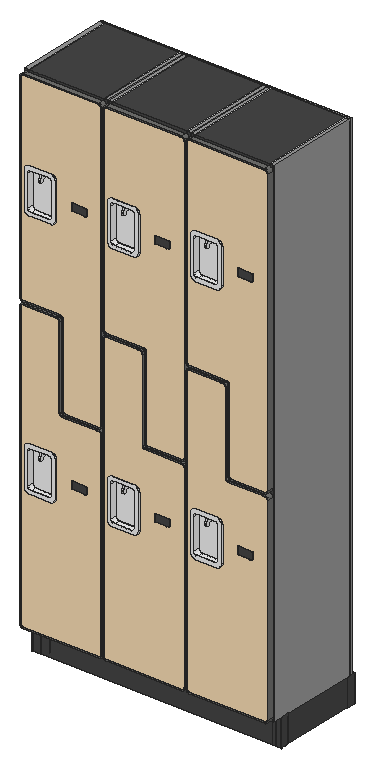
Revit family "Wood_Lockers-Salsbury_Industries-37000_Series-3_Wide_Units", category Specialty Equipment, Revit 2016
Family settings
  Part Type = Normal
  Round Connector Dimension = Use Diameter
  OmniClass Number = 23.40.00.00
  OmniClass Title = Equipment and Furnishings
  Work Plane-Based = No
  Always vertical = Yes
  Cut with Voids When Loaded = No
  Shared = No
  Room Calculation Point = No
Parameters (values of type "37365")
  Width = 36.000"
  Version = "2.0 (07/14/17)"
  Unit Trim = Melamine - Salsbury Finish - Black
  Unit Height including Sloping Hood Only [instance] = 77.743"
  Unit Height including Base Only [instance] = 76.000"
  URL = "www.lockers.com"
  Type Comments = "Designer Wood Lockers - Double Tier 'S' Style"
  Total Doors Height [instance] = if(Unit Height = 72.000", 71.750", if(Unit Height = 60.000", 59.750", 0.000"))  # 71.750"
  Sloping Top Corner Filler - Right Side [instance] = Wood Locker Sloping Corner Fillers : None
  Sloping Top Corner Filler - Left Side [instance] = Wood Locker Sloping Corner Fillers : None
  Sloping In-Line Filler - Right Side [instance] = Wood Locker Sloping In-Line Fillers : None
  Sloping In-Line Filler - Left Side [instance] = Wood Locker Sloping In-Line Fillers : None
  Sloping Hood Height = if(Depth = 15.000", 5.743", if(Depth = 18.000", 6.868", if(Depth = 21.000", 7.993", if(Depth = 24.000", 9.118", 0.000"))))  # 5.743"
  Sloping Hood [instance] = Wood Locker Sloping Hoods : None
  Side Panel without Slope - Right Side [instance] = Wood Locker Side Panels-No Slope : None
  Side Panel without Slope - Left Side [instance] = Wood Locker Side Panels-No Slope : None
  Side Panel with Slope - Right Side [instance] = Wood Locker Side Panels-With Slope : None
  Side Panel with Slope - Left Side [instance] = Wood Locker Side Panels-With Slope : None
  Secondary Structure Materials = Particle Board Industrial Grade - Salsbury Finish - Black Melamine Overlay
  Primary Structure Materials = Particle Board Industrial Grade - Salsbury Finish - White Melamine Inlay
  Overall Unit Height including Base and Sloping Hood [instance] = 81.743"
  OmniClass 23 Title = "Equipment and Furnishings"
  OmniClass 23 Number = "23.40.00.00"
  Model = "37365"
  MasterFormat Title = "Lockers"
  MasterFormat Code = "10 51 23"
  Manufacturer = "Salsbury Industries"
  Laminate Surface [instance] = Wood Laminate - Salsbury Finish - Maple with Industrial Grade Particleboard Underlay
  Unit Height = 72.000"
  Individual Door Width [instance] = 11.875"
  Individual Door Height = if(Unit Height = 72.000", 42.062", if(Unit Height = 60.000", 36.062", 0.000"))  # 42.062"
  Hardware = Aluminum - Salsbury Finish - Black Satin
  Front Vertical Filler - Right Side [instance] = Wood Locker Front Fillers : None
  Front Vertical Filler - Left Side [instance] = Wood Locker Front Fillers : None
  Front Corner Filler - Right Side [instance] = Wood Locker Front Corner Filler : None
  Front Corner Filler - Left Side [instance] = Wood Locker Front Corner Filler : None
  Flat Top In-Line Filler - Right Side [instance] = Wood Locker Flat In-Line Fillers : None
  Flat Top In-Line Filler - Left Side [instance] = Wood Locker Flat In-Line Fillers : None
  Flat Top Corner Filler - Right Side [instance] = Wood Locker Flat Corner Fillers : None
  Flat Top Corner Filler - Left Side [instance] = Wood Locker Flat Corner Fillers : None
  Fascia Filler [instance] = Wood Locker Fascia Fillers : None
  Double Side Panel without Slope - Right Side [instance] = Wood Locker Double Side Panels-No Slope : None
  Double Side Panel without Slope - Left Side [instance] = Wood Locker Double Side Panels-No Slope : None
  Double Side Panel with Slope - Right Side [instance] = Wood Locker Double Side Panels-With Slope : None
  Double Side Panel with Slope - Left Side [instance] = Wood Locker Double Side Panels-With Slope : None
  Door Trim = Rubber Trim - Salsbury Finish - Textured
  Door Location D2 = Wood Locker S-Style Bottom Doors : Double Tier Bottom S-Door for Six Foot High Locker
  Door Location D1 = Wood Locker S-Style Top Doors : Double Tier Top S-Door for Six Foot High Locker
  Description = "3 Wide - 6 Feet High - 15 inches Deep - with Base"
  Depth = 15.000"
  Compartment Width [instance] = 10.750"
  Compartment Height [instance] = if(Unit Height = 72.000", 41.153", if(Unit Height = 60.000", 35.153", 0.000"))  # 41.153"
  Compartment Depth [instance] = 13.750"
  Base Height = 4.000"
  Base Depth [instance] = 13.250"
  Base = Wood Locker Bases : Base - 36" W x 15" D Lockers
  Assembly Code = "C1030310"
Reference planes (in)
  plane 1 "Center (Front/Back)": y = 0
  plane 2: z = 0
  plane 3 "Center (Left/Right)": x = 0
  plane 4 "Right Side of Unit": x = 18
  plane 5 "Left Side of Unit": x = -18
  plane 6 "Back of Unit": y = 7.5
  plane 7 "Front of Unit": y = -7.5
  plane 8 "Bottom of Base": z = 0
  plane 9 "Top Edge of Unit": z = 76
  plane 10 "Top of Base Edge": z = 4
  plane 11: z = 81.743
  plane 12 "Right Compartment 3 Edge": x = 17.406
  plane 13 "Left Compartment 1 Edge": x = -17.406
  plane 14 "Front Melamine Edge": y = -6.5
  plane 15 "Back Compartment Edge": y = 7.281
  plane 16 "Front Compartment Edge": y = -6.469
  plane 17 "Front Edge of Base": y = -5.125
  plane 18 "Bottom Edge of Door": z = 4.125
  plane 19 "Top Edge of Door": z = 75.875
  plane 20 "Bottom Compartment Edge": z = 4.75
  plane 21 "Top Compartment Edge": z = 75.25
  plane 22 "Center Top and Bottom": z = 40
  plane 23 "Left Melamine 1 Edge": x = -17.375
  plane 24 "Right Melamine 3 Edge": x = 17.375
  plane 25 "Back Melamine Edge": y = 7.25
  plane 26 "Left Edge of Door": x = -17.875
  plane 27: y = 8.125
  plane 28: y = -5.75
  plane 29 "Base / Ventillation Alignment": y = 8.125
  plane 30 "Compartment 1-2 Dividing Line": x = -6
  plane 31 "Compartment 2-3 Dividing Line": x = 6
  plane 32 "Right Compartment 1 Edge": x = -6.594
  plane 33 "Right Melamine 1 Edge": x = -6.625
  plane 34 "Left Compartment 2 Edge": x = -5.406
  plane 35 "Left Melamine 2 Edge": x = -5.375
  plane 36 "Right Compartment 2 Edge": x = 5.406
  plane 37 "Right Melamine 2 Edge": x = 5.375
  plane 38 "Left Compartment 3 Edge": x = 6.594
  plane 39 "Left Melamine 3 Edge": x = 6.625
  plane 40 "Compartment Shelf 1": z = 46.653
  plane 41: z = 45.903
  plane 42 "Compartment Extrusion Guide": z = 3.5
  plane 43 "Vertical Center of Compartment 1": x = -12
  plane 44 "Vertical Center of Compartment 3": x = 12
  plane 45: z = 46.187
  plane 46: z = 46.375
  plane 47 "Compartment Shelf 2": z = 34.097
  plane 48: z = 33.347
  plane 49: x = -0.375
  plane 50: x = 0.375
  plane 51: x = -11.625
  plane 52: x = -12.375
  plane 53: x = 11.625
  plane 54: x = 12.375
  plane 55: z = 48.153
  plane 56: z = 31.847
Forms (in)
  Extrusion 1, solid, material "Particle Board Industrial Grade - Salsbury Finish - White Melamine Inlay" <- "Primary Structure Materials"
    sketch origin (18, 0, 0) x (0, -1, 0) y (0, 0, 1)
      loop
        line (6.469, 76) -> (-7.25, 76) -> (-7.25, 4) -> (6.469, 4) -> (6.469, 76)
    from 0 to 0.594
  Extrusion 2, solid, material "Particle Board Industrial Grade - Salsbury Finish - White Melamine Inlay" <- "Primary Structure Materials"
    sketch origin (-18, 0, 0) x (0, -1, 0) y (0, 0, 1)
      loop
        line (-7.25, 76) -> (-7.25, 4) -> (6.469, 4) -> (6.469, 76) -> (-7.25, 76)
    from 0 to -0.594
  Extrusion 3, solid, material "Particle Board Industrial Grade - Salsbury Finish - Black Melamine Overlay" <- "Secondary Structure Materials"
    sketch origin (0, 0, 4) x (0, -1, 0) y (1, 0, 0)
      loop
        line (-7.25, -17.375) -> (6.5, -17.375) -> (6.5, 17.375) -> (-7.25, 17.375) -> (-7.25, -17.375)
    from 0 to 0.75
  Extrusion 4, solid, material "Particle Board Industrial Grade - Salsbury Finish - Black Melamine Overlay" <- "Secondary Structure Materials"
    sketch origin (0, 0, 76) x (0, -1, 0) y (1, 0, 0)
      loop
        line (-7.25, -17.375) -> (6.5, -17.375) -> (6.5, 17.375) -> (-7.25, 17.375) -> (-7.25, -17.375)
    from 0 to -0.75
  Extrusion 5, solid, material "Particle Board Industrial Grade - Salsbury Finish - White Melamine Inlay" <- "Primary Structure Materials"
    sketch origin (0, 7.5, 0) x (1, 0, 0) y (0, 0, 1)
      loop
        line (-18, 76) -> (-18, 4) -> (18, 4) -> (18, 76) -> (-18, 76)
    from 0 to 0.219
  Extrusion 6, solid, material "Melamine - Salsbury Finish - Black" <- "Unit Trim"
    sketch origin (0, -6.469, 0) x (1, 0, 0) y (0, 0, 1)
      loop
        line (-18, 76) -> (-18, 4) -> (-17.375, 4) -> (-17.375, 76) -> (-18, 76)
    from 0 to 0.031
  Extrusion 7, solid, material "Melamine - Salsbury Finish - Black" <- "Unit Trim"
    sketch origin (0, -6.469, 0) x (-1, 0, 0) y (0, 0, -1)
      loop
        line (-18, -76) -> (-17.375, -76) -> (-17.375, -4) -> (-18, -4) -> (-18, -76)
    from 0 to 0.031
  Extrusion 8, solid, material "Melamine - Salsbury Finish - White"
    sketch origin (0, 7.25, 0) x (1, 0, 0) y (0, 0, 1)
      loop
        line (-18, 76) -> (-18, 4) -> (18, 4) -> (18, 76) -> (-18, 76)
    from -0.031 to 0
  Extrusion 9, solid, material "Melamine - Salsbury Finish - White"
    sketch origin (-17.406, 0, 0) x (0, -1, 0) y (0, 0, 1)
      loop
        line (-7.25, 76) -> (-7.25, 4) -> (6.469, 4) -> (6.469, 76) -> (-7.25, 76)
    from 0 to -0.031
  Extrusion 10, solid, material "Melamine - Salsbury Finish - White"
    sketch origin (17.406, 0, 0) x (0, -1, 0) y (0, 0, 1)
      loop
        line (6.469, 76) -> (-7.25, 76) -> (-7.25, 4) -> (6.469, 4) -> (6.469, 76)
    from 0 to 0.031
  Extrusion 11, solid, material "Particle Board Industrial Grade - Salsbury Finish - Black Melamine Overlay" <- "Secondary Structure Materials", detail levels fine
    sketch origin (0, 0, 46.653) x (0, -1, 0) y (1, 0, 0)
      loop
        line (-7.25, -17.375) -> (6.5, -17.375) -> (6.5, -12.375) -> (-7.25, -12.375) -> (-7.25, -17.375)
      loop
        line (-7.25, -5.375) -> (6.5, -5.375) -> (6.5, -0.375) -> (-7.25, -0.375) -> (-7.25, -5.375)
      loop
        line (-7.25, 6.625) -> (6.5, 6.625) -> (6.5, 11.625) -> (-7.25, 11.625) -> (-7.25, 6.625)
    from 0 to -0.75
  Extrusion 12, void
    sketch origin (0, 0, 76) x (0, -1, 0) y (1, 0, 0)
      loop
        line (-7.25, -6.625) -> (6.5, -6.625) -> (6.5, -5.375) -> (-7.25, -5.375) -> (-7.25, -6.625)
    from -72.5 to 0
  Extrusion 13, void
    sketch origin (12, 0, 76) x (0, -1, 0) y (1, 0, 0)
      loop
        line (-7.25, -6.625) -> (6.5, -6.625) -> (6.5, -5.375) -> (-7.25, -5.375) -> (-7.25, -6.625)
    from -72.5 to 0
  Extrusion 14, solid, material "Particle Board Industrial Grade - Salsbury Finish - White Melamine Inlay" <- "Primary Structure Materials"
    sketch origin (6.0625, 0, 0) x (0, -1, 0) y (0, 0, 1)
      loop
        line (6.469, 76) -> (-7.25, 76) -> (-7.25, 4) -> (6.469, 4) -> (6.469, 76)
    from 0.0625 to 0.6565
  Extrusion 15, solid, material "Melamine - Salsbury Finish - White"
    sketch origin (5.4685, 0, 0) x (0, -1, 0) y (0, 0, 1)
      loop
        line (6.469, 76) -> (-7.25, 76) -> (-7.25, 4) -> (6.469, 4) -> (6.469, 76)
    from 0.0625 to 0.0935
  Extrusion 16, solid, material "Particle Board Industrial Grade - Salsbury Finish - White Melamine Inlay" <- "Primary Structure Materials"
    sketch origin (-5.9375, 0, 0) x (0, -1, 0) y (0, 0, 1)
      loop
        line (6.469, 76) -> (-7.25, 76) -> (-7.25, 4) -> (6.469, 4) -> (6.469, 76)
    from 0.0625 to 0.6565
  Extrusion 17, solid, material "Melamine - Salsbury Finish - White"
    sketch origin (-6.5315, 0, 0) x (0, -1, 0) y (0, 0, 1)
      loop
        line (6.469, 76) -> (-7.25, 76) -> (-7.25, 4) -> (6.469, 4) -> (6.469, 76)
    from 0.0625 to 0.0935
  Extrusion 18, solid, material "Particle Board Industrial Grade - Salsbury Finish - White Melamine Inlay" <- "Primary Structure Materials"
    sketch origin (-5.9375, 0, 0) x (0, -1, 0) y (0, 0, 1)
      loop
        line (-7.25, 76) -> (-7.25, 4) -> (6.469, 4) -> (6.469, 76) -> (-7.25, 76)
    from 0.0625 to -0.5315
  Extrusion 19, solid, material "Melamine - Salsbury Finish - White"
    sketch origin (-5.3435, 0, 0) x (0, -1, 0) y (0, 0, 1)
      loop
        line (-7.25, 76) -> (-7.25, 4) -> (6.469, 4) -> (6.469, 76) -> (-7.25, 76)
    from 0.0625 to 0.0315
  Extrusion 20, solid, material "Particle Board Industrial Grade - Salsbury Finish - White Melamine Inlay" <- "Primary Structure Materials"
    sketch origin (6.0625, 0, 0) x (0, -1, 0) y (0, 0, 1)
      loop
        line (-7.25, 76) -> (-7.25, 4) -> (6.469, 4) -> (6.469, 76) -> (-7.25, 76)
    from 0.0625 to -0.5315
  Extrusion 21, solid, material "Melamine - Salsbury Finish - White"
    sketch origin (6.6565, 0, 0) x (0, -1, 0) y (0, 0, 1)
      loop
        line (-7.25, 76) -> (-7.25, 4) -> (6.469, 4) -> (6.469, 76) -> (-7.25, 76)
    from 0.0625 to 0.0315
  Extrusion 22, solid, material "Melamine - Salsbury Finish - Black" <- "Unit Trim"
    sketch origin (11.375, -6.469, 0) x (1, 0, 0) y (0, 0, 1)
      loop
        line (-18, 76) -> (-18, 4) -> (-16.75, 4) -> (-16.75, 76) -> (-18, 76)
    from 0 to 0.031
  Extrusion 23, solid, material "Melamine - Salsbury Finish - Black" <- "Unit Trim"
    sketch origin (23.375, -6.469, 0) x (1, 0, 0) y (0, 0, 1)
      loop
        line (-18, 76) -> (-18, 4) -> (-16.75, 4) -> (-16.75, 76) -> (-18, 76)
    from 0 to 0.031
  Extrusion 24, solid, material "Particle Board Industrial Grade - Salsbury Finish - Black Melamine Overlay" <- "Secondary Structure Materials", detail levels fine
    sketch origin (0, 0, 34.097) x (0, -1, 0) y (1, 0, 0)
      loop
        line (-7.25, 12.375) -> (6.5, 12.375) -> (6.5, 17.375) -> (-7.25, 17.375) -> (-7.25, 12.375)
      loop
        line (-7.25, 0.375) -> (6.5, 0.375) -> (6.5, 5.375) -> (-7.25, 5.375) -> (-7.25, 0.375)
      loop
        line (-7.25, -11.625) -> (6.5, -11.625) -> (6.5, -6.625) -> (-7.25, -6.625) -> (-7.25, -11.625)
    from 0 to -0.75
  Extrusion 25, solid, material "Particle Board Industrial Grade - Salsbury Finish - Black Melamine Overlay" <- "Secondary Structure Materials", detail levels fine
    sketch origin (0, 7.25, 0) x (1, 0, 0) y (0, 0, 1)
      loop
        line (-0.375, 48.153) -> (-0.375, 31.847) -> (0.375, 31.847) -> (0.375, 48.153) -> (-0.375, 48.153)
    from 0 to 13.75
  Extrusion 26, solid, material "Particle Board Industrial Grade - Salsbury Finish - Black Melamine Overlay" <- "Secondary Structure Materials", detail levels fine
    sketch origin (-12, 7.25, 0) x (1, 0, 0) y (0, 0, 1)
      loop
        line (-0.375, 48.153) -> (-0.375, 31.847) -> (0.375, 31.847) -> (0.375, 48.153) -> (-0.375, 48.153)
    from 0 to 13.75
  Extrusion 27, solid, material "Particle Board Industrial Grade - Salsbury Finish - Black Melamine Overlay" <- "Secondary Structure Materials", detail levels fine
    sketch origin (12, 7.25, 0) x (1, 0, 0) y (0, 0, 1)
      loop
        line (-0.375, 48.153) -> (-0.375, 31.847) -> (0.375, 31.847) -> (0.375, 48.153) -> (-0.375, 48.153)
    from 0 to 13.75
Cuts and joins
  Extrusion 12, Extrusion 13 cuts Extrusion 4
  Extrusion 12, Extrusion 13 cuts Extrusion 11
  Extrusion 12, Extrusion 13 cuts Extrusion 3
  Extrusion 13 cuts Extrusion 8
Lines and regions (in)
  symbolic lines
    curve 1: line (-18, 7.25, 76) -> (18.0000605, 7.25, 76)
    curve 2: line (-18, 7.25, 0) -> (-18, 7.25, 76)
    curve 3: line (18.0000605, 7.25, 76) -> (18.0000605, 7.25, 0)
    curve 4: line (17.406, -6.5, 76) -> (17.406, 8.125, 76)
    curve 5: line (17.406, -6.5, 0) -> (17.406, -6.5, 76)
    curve 6: line (17.406, 8.125, 76) -> (17.406, 8.125, 0)
    curve 7: line (18.0000605, 7.25, 0) -> (-18, 7.25, 0)
    curve 8: line (17.406, -5.125, 0) -> (17.406, 8.125, 0)
    curve 9: line (17.406, 8.125, 0) -> (17.406, -5.125, 0)
    curve 10: line (17.406, -6.5, 0) -> (17.406, 8.125, 0)
    curve 11: line (-18, 8.125, 0) -> (18, 8.125, 0)
    curve 12: line (-18, -6.5, 0) -> (-18, 8.125, 0)
    curve 13: line (18, -6.5, 0) -> (-18, -6.5, 0)
    curve 14: line (18, 8.125, 0) -> (18, -6.5, 0)
Dimensions and locks (in)
  equal spacing: plane 5 "Left Side of Unit", plane 43 "Vertical Center of Compartment 1", plane 30 "Compartment 1-2 Dividing Line", plane 3 "Center (Left/Right)", plane 31 "Compartment 2-3 Dividing Line", plane 44 "Vertical Center of Compartment 3", plane 4 "Right Side of Unit"
  "Width": plane 5 "Left Side of Unit" to plane 4 "Right Side of Unit"
  equal spacing: plane 7 "Front of Unit", plane 1 "Center (Front/Back)", plane 6 "Back of Unit"
  "Depth": plane 7 "Front of Unit" to plane 6 "Back of Unit"
  "Base Height": plane 10 "Top of Base Edge" to plane 8 "Bottom of Base"
  "Unit Height": plane 9 "Top Edge of Unit" to plane 10 "Top of Base Edge"
  "Sloping Hood Height": plane 11 to plane 9 "Top Edge of Unit"
  locked: plane 12 "Right Compartment 3 Edge" to plane 4 "Right Side of Unit" at 0.594
  locked: plane 5 "Left Side of Unit" to plane 13 "Left Compartment 1 Edge" at 0.594
  locked: plane 7 "Front of Unit" to plane 14 "Front Melamine Edge" at 1
  locked: plane 15 "Back Compartment Edge" to plane 6 "Back of Unit" at 0.219
  locked: plane 14 "Front Melamine Edge" to plane 16 "Front Compartment Edge" at 0.031
  plane 18 "Bottom Edge of Door" to plane 10 "Top of Base Edge" = 0.125"
  plane 9 "Top Edge of Unit" to plane 19 "Top Edge of Door" = 0.125"
  plane 20 "Bottom Compartment Edge" to plane 10 "Top of Base Edge" = 0.750"
  plane 9 "Top Edge of Unit" to plane 21 "Top Compartment Edge" = 0.750"
  equal spacing: plane 9 "Top Edge of Unit", plane 22 "Center Top and Bottom", plane 10 "Top of Base Edge"
  locked: plane 24 "Right Melamine 3 Edge" to plane 12 "Right Compartment 3 Edge" at 0.031
  locked: plane 13 "Left Compartment 1 Edge" to plane 23 "Left Melamine 1 Edge" at 0.031
  locked: plane 25 "Back Melamine Edge" to plane 15 "Back Compartment Edge" at 0.031
  locked: plane 5 "Left Side of Unit" to plane 26 "Left Edge of Door" at 0.125
  "Individual Door Width": plane 26 "Left Edge of Door" to plane 30 "Compartment 1-2 Dividing Line"
  "Total Doors Height": plane 19 "Top Edge of Door" to plane 18 "Bottom Edge of Door"
  "Unit Height including Base Only": plane 9 "Top Edge of Unit" to plane 8 "Bottom of Base"
  "Unit Height including Sloping Hood Only": plane 11 to plane 10 "Top of Base Edge"
  "Overall Unit Height including Base and Sloping Hood": plane 11 to plane 8 "Bottom of Base"
  locked: plane 7 "Front of Unit" to plane 17 "Front Edge of Base" at 2.375
  locked: plane 6 "Back of Unit" to plane 27 at 0.625
  "Base Depth": plane 17 "Front Edge of Base" to plane 27
  "Compartment Width": plane 23 "Left Melamine 1 Edge" to plane 33 "Right Melamine 1 Edge"
  "Compartment Height": plane 41 to plane 20 "Bottom Compartment Edge"
  "Compartment Depth": plane 14 "Front Melamine Edge" to plane 25 "Back Melamine Edge"
  locked: plane 14 "Front Melamine Edge" to plane 28 at 0.75
  plane 14 "Front Melamine Edge" to plane 27 = 14.625"
  Extrusion 2 to Extrusion 9 = 13.719"
  plane 6 "Back of Unit" to plane 29 "Base / Ventillation Alignment" = 0.625"
  plane 32 "Right Compartment 1 Edge" to plane 30 "Compartment 1-2 Dividing Line" to plane 34 "Left Compartment 2 Edge" = 0.594" locked, 0.594" locked
  plane 36 "Right Compartment 2 Edge" to plane 31 "Compartment 2-3 Dividing Line" to plane 38 "Left Compartment 3 Edge" = 0.594" locked, 0.594" locked
  locked: plane 37 "Right Melamine 2 Edge" to plane 36 "Right Compartment 2 Edge" at 0.031
  locked: plane 38 "Left Compartment 3 Edge" to plane 39 "Left Melamine 3 Edge" at 0.031
  locked: plane 34 "Left Compartment 2 Edge" to plane 35 "Left Melamine 2 Edge" at 0.031
  locked: plane 33 "Right Melamine 1 Edge" to plane 32 "Right Compartment 1 Edge" at 0.031
  locked: plane 40 "Compartment Shelf 1" to plane 41 at 0.75
  locked: plane 10 "Top of Base Edge" to plane 42 "Compartment Extrusion Guide" at 0.5
  locked: plane 46 to plane 45 at 0.188
  "Individual Door Height": plane 45 to plane 18 "Bottom Edge of Door"
  locked: plane 47 "Compartment Shelf 2" to plane 48 at 0.75
  "Compartment Height": plane 21 "Top Compartment Edge" to plane 47 "Compartment Shelf 2"
  plane 49 to plane 3 "Center (Left/Right)" to plane 50 = 0.375" locked, 0.375" locked
  plane 52 to plane 43 "Vertical Center of Compartment 1" to plane 51 = 0.375" locked, 0.375" locked
  plane 53 to plane 44 "Vertical Center of Compartment 3" to plane 54 = 0.375" locked, 0.375" locked
  locked: plane 55 to plane 40 "Compartment Shelf 1" at 1.5
  locked: plane 48 to plane 56 at 1.5
  aligned and locked: level to plane 2
  aligned and locked: plane 15 "Back Compartment Edge" to Extrusion 5
  aligned and locked: plane 4 "Right Side of Unit" to nested 1
  aligned and locked: plane 18 "Bottom Edge of Door" to nested 1
  aligned and locked: plane 7 "Front of Unit" to nested 1
  aligned and locked: plane 5 "Left Side of Unit" to nested 2
  aligned and locked: nested 2 to plane 14 "Front Melamine Edge"
  aligned and locked: plane 9 "Top Edge of Unit" to nested 2
  aligned and locked: plane 4 "Right Side of Unit" to nested 3
  aligned and locked: nested 3 to plane 9 "Top Edge of Unit"
  aligned and locked: nested 3 to plane 14 "Front Melamine Edge"
  aligned and locked: plane 9 "Top Edge of Unit" to nested 4
  aligned and locked: plane 28 to nested 4
  aligned and locked: nested 5 to plane 28
  aligned and locked: plane 5 "Left Side of Unit" to nested 5
  aligned and locked: plane 4 "Right Side of Unit" to nested 4
  aligned and locked: nested 5 to plane 9 "Top Edge of Unit"
  aligned and locked: nested 7 to plane 5 "Left Side of Unit"
  aligned and locked: nested 6 to plane 4 "Right Side of Unit"
  aligned and locked: plane 14 "Front Melamine Edge" to nested 6
  aligned and locked: plane 14 "Front Melamine Edge" to nested 7
  aligned and locked: plane 10 "Top of Base Edge" to nested 6
  aligned and locked: nested 7 to plane 10 "Top of Base Edge"
  aligned and locked: plane 5 "Left Side of Unit" to nested 8
  aligned and locked: plane 4 "Right Side of Unit" to nested 9
  aligned and locked: nested 9 to plane 10 "Top of Base Edge"
  aligned and locked: plane 10 "Top of Base Edge" to nested 8
  aligned and locked: plane 16 "Front Compartment Edge" to nested 9
  aligned and locked: plane 14 "Front Melamine Edge" to nested 8
  aligned and locked: plane 4 "Right Side of Unit" to nested 10
  aligned and locked: nested 10 to plane 10 "Top of Base Edge"
  aligned and locked: plane 14 "Front Melamine Edge" to nested 10
  aligned and locked: plane 14 "Front Melamine Edge" to nested 11
  aligned and locked: nested 11 to nested 3
  aligned and locked: plane 10 "Top of Base Edge" to nested 11
  aligned and locked: nested 12 to plane 5 "Left Side of Unit"
  aligned and locked: plane 14 "Front Melamine Edge" to nested 12
  aligned and locked: nested 12 to plane 10 "Top of Base Edge"
  aligned and locked: plane 14 "Front Melamine Edge" to nested 13
  aligned and locked: nested 13 to plane 4 "Right Side of Unit"
  aligned and locked: plane 14 "Front Melamine Edge" to nested 14
  aligned and locked: nested 14 to plane 5 "Left Side of Unit"
  aligned and locked: plane 10 "Top of Base Edge" to nested 13
  aligned and locked: nested 14 to plane 10 "Top of Base Edge"
  aligned and locked: plane 14 "Front Melamine Edge" to nested 15
  aligned and locked: plane 4 "Right Side of Unit" to nested 15
  aligned and locked: plane 14 "Front Melamine Edge" to nested 16
  aligned and locked: plane 5 "Left Side of Unit" to nested 16
  aligned and locked: nested 15 to plane 8 "Bottom of Base"
  aligned and locked: nested 16 to plane 8 "Bottom of Base"
  aligned and locked: nested 17 to plane 5 "Left Side of Unit"
  aligned and locked: nested 18 to plane 4 "Right Side of Unit"
  aligned and locked: nested 18 to plane 14 "Front Melamine Edge"
  aligned and locked: nested 17 to plane 14 "Front Melamine Edge"
  aligned and locked: plane 8 "Bottom of Base" to nested 18
  aligned and locked: nested 17 to plane 8 "Bottom of Base"
  aligned and locked: plane 17 "Front Edge of Base" to nested 19
  aligned and locked: nested 20 to plane 9 "Top Edge of Unit"
  aligned and locked: plane 5 "Left Side of Unit" to nested 20
  aligned and locked: nested 21 to plane 9 "Top Edge of Unit"
  aligned and locked: plane 4 "Right Side of Unit" to nested 21
  aligned and locked: nested 21 to plane 14 "Front Melamine Edge"
  aligned and locked: nested 20 to plane 14 "Front Melamine Edge"
  aligned and locked: nested 23 to plane 9 "Top Edge of Unit"
  aligned and locked: plane 4 "Right Side of Unit" to nested 23
  aligned and locked: nested 22 to plane 9 "Top Edge of Unit"
  aligned and locked: plane 5 "Left Side of Unit" to nested 22
  aligned and locked: nested 23 to plane 28
  aligned and locked: nested 22 to plane 28
  aligned and locked: plane 8 "Bottom of Base" to nested 19
  aligned and locked: plane 3 "Center (Left/Right)" to nested 19
  aligned and locked: plane 25 "Back Melamine Edge" to Extrusion 3 sketch curve
  aligned and locked: Extrusion 3 sketch curve to plane 23 "Left Melamine 1 Edge"
  aligned and locked: plane 24 "Right Melamine 3 Edge" to Extrusion 3 sketch curve
  aligned and locked: Extrusion 3 sketch curve to plane 14 "Front Melamine Edge"
  aligned and locked: Extrusion 3 to plane 20 "Bottom Compartment Edge"
  aligned and locked: plane 10 "Top of Base Edge" to Extrusion 3
  aligned and locked: plane 25 "Back Melamine Edge" to Extrusion 4 sketch curve
  aligned and locked: plane 24 "Right Melamine 3 Edge" to Extrusion 4 sketch curve
  aligned and locked: Extrusion 4 sketch curve to plane 23 "Left Melamine 1 Edge"
  aligned and locked: Extrusion 4 sketch curve to plane 14 "Front Melamine Edge"
  aligned and locked: Extrusion 4 to plane 9 "Top Edge of Unit"
  aligned and locked: plane 21 "Top Compartment Edge" to Extrusion 4
  aligned and locked: Extrusion 2 sketch curve to plane 9 "Top Edge of Unit"
  aligned and locked: plane 16 "Front Compartment Edge" to Extrusion 2 sketch curve
  aligned and locked: Extrusion 2 sketch curve to plane 25 "Back Melamine Edge"
  aligned and locked: plane 10 "Top of Base Edge" to Extrusion 2 sketch curve
  aligned and locked: Extrusion 2 to plane 13 "Left Compartment 1 Edge"
  aligned and locked: plane 5 "Left Side of Unit" to Extrusion 2
  aligned and locked: plane 10 "Top of Base Edge" to Extrusion 9 sketch curve
  aligned and locked: Extrusion 9 sketch curve to plane 25 "Back Melamine Edge"
  aligned and locked: Extrusion 9 sketch curve to plane 9 "Top Edge of Unit"
  aligned and locked: Extrusion 1 sketch curve to plane 16 "Front Compartment Edge"
  aligned and locked: plane 9 "Top Edge of Unit" to Extrusion 1 sketch curve
  aligned and locked: Extrusion 1 sketch curve to plane 10 "Top of Base Edge"
  aligned and locked: plane 25 "Back Melamine Edge" to Extrusion 1 sketch curve
  aligned and locked: Extrusion 1 to plane 4 "Right Side of Unit"
  aligned and locked: plane 12 "Right Compartment 3 Edge" to Extrusion 1
  aligned and locked: Extrusion 10 sketch curve to plane 10 "Top of Base Edge"
  aligned and locked: plane 25 "Back Melamine Edge" to Extrusion 10 sketch curve
  aligned and locked: Extrusion 10 sketch curve to plane 16 "Front Compartment Edge"
  aligned and locked: plane 9 "Top Edge of Unit" to Extrusion 10 sketch curve
  aligned and locked: Extrusion 10 to plane 12 "Right Compartment 3 Edge"
  aligned and locked: plane 24 "Right Melamine 3 Edge" to Extrusion 10
  aligned and locked: Extrusion 8 sketch curve to plane 10 "Top of Base Edge"
  aligned and locked: plane 4 "Right Side of Unit" to Extrusion 8 sketch curve
  aligned and locked: plane 9 "Top Edge of Unit" to Extrusion 8 sketch curve
  aligned and locked: Extrusion 8 sketch curve to plane 5 "Left Side of Unit"
  aligned and locked: Extrusion 8 to plane 15 "Back Compartment Edge"
  aligned and locked: plane 25 "Back Melamine Edge" to Extrusion 8
  aligned and locked: plane 9 "Top Edge of Unit" to Extrusion 5 sketch curve
  aligned and locked: Extrusion 5 sketch curve to plane 5 "Left Side of Unit"
  aligned and locked: Extrusion 5 sketch curve to plane 10 "Top of Base Edge"
  aligned and locked: plane 4 "Right Side of Unit" to Extrusion 5 sketch curve
  aligned and locked: Extrusion 7 sketch curve to plane 9 "Top Edge of Unit"
  aligned and locked: Extrusion 7 sketch curve to plane 4 "Right Side of Unit"
  aligned and locked: plane 24 "Right Melamine 3 Edge" to Extrusion 7 sketch curve
  aligned and locked: plane 10 "Top of Base Edge" to Extrusion 7 sketch curve
  aligned and locked: Extrusion 7 to plane 16 "Front Compartment Edge"
  aligned and locked: plane 14 "Front Melamine Edge" to Extrusion 7
  aligned and locked: Extrusion 6 sketch curve to plane 10 "Top of Base Edge"
  aligned and locked: plane 23 "Left Melamine 1 Edge" to Extrusion 6 sketch curve
  aligned and locked: Extrusion 6 sketch curve to plane 5 "Left Side of Unit"
  aligned and locked: plane 9 "Top Edge of Unit" to Extrusion 6 sketch curve
  aligned and locked: Extrusion 6 to plane 16 "Front Compartment Edge"
  aligned and locked: Extrusion 6 to plane 14 "Front Melamine Edge"
  aligned and locked: plane 16 "Front Compartment Edge" to Extrusion 9
  aligned and locked: Extrusion 9 to Extrusion 3
  aligned and locked: plane 13 "Left Compartment 1 Edge" to Extrusion 9
  aligned and locked: nested 2 to curve 1
  aligned and locked: curve 2 to nested 16
  aligned and locked: nested 15 to curve 5
  aligned and locked: curve 9 to nested 19
  aligned and locked: curve 10 to nested 15
  aligned and locked: curve 13 to plane 14 "Front Melamine Edge"
  aligned and locked: curve 12 to plane 5 "Left Side of Unit"
  aligned and locked: plane 29 "Base / Ventillation Alignment" to curve 11
  aligned and locked: plane 29 "Base / Ventillation Alignment" to curve 6
  aligned and locked: plane 14 "Front Melamine Edge" to nested 24
  aligned and locked: plane 9 "Top Edge of Unit" to nested 24
  aligned and locked: plane 3 "Center (Left/Right)" to nested 24
  aligned and locked: plane 14 "Front Melamine Edge" to nested 25
  aligned and locked: plane 3 "Center (Left/Right)" to nested 25
  aligned and locked: plane 9 "Top Edge of Unit" to nested 25
  aligned and locked: plane 25 "Back Melamine Edge" to Extrusion 11 sketch curve  (x2)
  aligned and locked: Extrusion 11 sketch curve to plane 23 "Left Melamine 1 Edge"
  aligned and locked: Extrusion 11 sketch curve to plane 14 "Front Melamine Edge"
  aligned and locked: Extrusion 11 to plane 40 "Compartment Shelf 1"
  aligned and locked: plane 41 to Extrusion 11
  aligned and locked: Extrusion 12 sketch curve to plane 25 "Back Melamine Edge"
  aligned and locked: plane 33 "Right Melamine 1 Edge" to Extrusion 12 sketch curve
  aligned and locked: plane 14 "Front Melamine Edge" to Extrusion 12 sketch curve
  aligned and locked: Extrusion 12 sketch curve to plane 35 "Left Melamine 2 Edge"
  aligned and locked: Extrusion 12 to plane 9 "Top Edge of Unit"
  aligned and locked: plane 42 "Compartment Extrusion Guide" to Extrusion 12
  aligned and locked: Extrusion 13 sketch curve to plane 37 "Right Melamine 2 Edge"
  aligned and locked: plane 39 "Left Melamine 3 Edge" to Extrusion 13 sketch curve
  aligned and locked: plane 25 "Back Melamine Edge" to Extrusion 13 sketch curve
  aligned and locked: Extrusion 13 sketch curve to plane 14 "Front Melamine Edge"
  aligned and locked: plane 42 "Compartment Extrusion Guide" to Extrusion 13
  aligned and locked: Extrusion 13 to plane 9 "Top Edge of Unit"
  aligned and locked: plane 9 "Top Edge of Unit" to Extrusion 14 sketch curve
  aligned and locked: plane 25 "Back Melamine Edge" to Extrusion 14 sketch curve
  aligned and locked: Extrusion 14 sketch curve to plane 10 "Top of Base Edge"
  aligned and locked: Extrusion 14 sketch curve to plane 16 "Front Compartment Edge"
  aligned and locked: plane 36 "Right Compartment 2 Edge" to Extrusion 14
  aligned and locked: Extrusion 14 to plane 31 "Compartment 2-3 Dividing Line"
  aligned and locked: plane 25 "Back Melamine Edge" to Extrusion 15 sketch curve
  aligned and locked: plane 9 "Top Edge of Unit" to Extrusion 15 sketch curve
  aligned and locked: Extrusion 15 sketch curve to plane 10 "Top of Base Edge"
  aligned and locked: Extrusion 15 sketch curve to plane 16 "Front Compartment Edge"
  aligned and locked: Extrusion 15 to plane 36 "Right Compartment 2 Edge"
  aligned and locked: plane 37 "Right Melamine 2 Edge" to Extrusion 15
  aligned and locked: plane 25 "Back Melamine Edge" to Extrusion 16 sketch curve
  aligned and locked: plane 9 "Top Edge of Unit" to Extrusion 16 sketch curve
  aligned and locked: Extrusion 16 sketch curve to plane 10 "Top of Base Edge"
  aligned and locked: Extrusion 16 sketch curve to plane 16 "Front Compartment Edge"
  aligned and locked: plane 32 "Right Compartment 1 Edge" to Extrusion 16
  aligned and locked: Extrusion 16 to plane 30 "Compartment 1-2 Dividing Line"
  aligned and locked: plane 25 "Back Melamine Edge" to Extrusion 17 sketch curve
  aligned and locked: plane 9 "Top Edge of Unit" to Extrusion 17 sketch curve
  aligned and locked: Extrusion 17 sketch curve to plane 10 "Top of Base Edge"
  aligned and locked: Extrusion 17 sketch curve to plane 16 "Front Compartment Edge"
  aligned and locked: Extrusion 17 to plane 32 "Right Compartment 1 Edge"
  aligned and locked: plane 33 "Right Melamine 1 Edge" to Extrusion 17
  aligned and locked: plane 10 "Top of Base Edge" to Extrusion 18 sketch curve
  aligned and locked: plane 16 "Front Compartment Edge" to Extrusion 18 sketch curve
  aligned and locked: Extrusion 18 sketch curve to plane 25 "Back Melamine Edge"
  aligned and locked: Extrusion 18 sketch curve to plane 9 "Top Edge of Unit"
  aligned and locked: Extrusion 18 to plane 34 "Left Compartment 2 Edge"
  aligned and locked: plane 30 "Compartment 1-2 Dividing Line" to Extrusion 18
  aligned and locked: Extrusion 19 sketch curve to plane 25 "Back Melamine Edge"
  aligned and locked: Extrusion 19 sketch curve to plane 9 "Top Edge of Unit"
  aligned and locked: plane 10 "Top of Base Edge" to Extrusion 19 sketch curve
  aligned and locked: plane 16 "Front Compartment Edge" to Extrusion 19 sketch curve
  aligned and locked: Extrusion 19 to plane 35 "Left Melamine 2 Edge"
  aligned and locked: plane 34 "Left Compartment 2 Edge" to Extrusion 19
  aligned and locked: plane 16 "Front Compartment Edge" to Extrusion 20 sketch curve
  aligned and locked: plane 10 "Top of Base Edge" to Extrusion 20 sketch curve
  aligned and locked: Extrusion 20 sketch curve to plane 9 "Top Edge of Unit"
  aligned and locked: Extrusion 20 sketch curve to plane 25 "Back Melamine Edge"
  aligned and locked: plane 31 "Compartment 2-3 Dividing Line" to Extrusion 20
  aligned and locked: Extrusion 20 to plane 38 "Left Compartment 3 Edge"
  aligned and locked: Extrusion 21 sketch curve to plane 25 "Back Melamine Edge"
  aligned and locked: Extrusion 21 sketch curve to plane 9 "Top Edge of Unit"
  aligned and locked: plane 10 "Top of Base Edge" to Extrusion 21 sketch curve
  aligned and locked: plane 16 "Front Compartment Edge" to Extrusion 21 sketch curve
  aligned and locked: Extrusion 21 to plane 39 "Left Melamine 3 Edge"
  aligned and locked: plane 38 "Left Compartment 3 Edge" to Extrusion 21
  aligned and locked: plane 31 "Compartment 2-3 Dividing Line" to nested 26
  aligned and locked: plane 30 "Compartment 1-2 Dividing Line" to nested 27
  aligned and locked: plane 18 "Bottom Edge of Door" to nested 26
  aligned and locked: plane 18 "Bottom Edge of Door" to nested 27
  aligned and locked: plane 7 "Front of Unit" to nested 26
  aligned and locked: plane 7 "Front of Unit" to nested 27
  aligned and locked: Extrusion 22 sketch curve to plane 33 "Right Melamine 1 Edge"
  aligned and locked: plane 9 "Top Edge of Unit" to Extrusion 22 sketch curve
  aligned and locked: plane 35 "Left Melamine 2 Edge" to Extrusion 22 sketch curve
  aligned and locked: Extrusion 22 sketch curve to plane 10 "Top of Base Edge"
  aligned and locked: Extrusion 22 to plane 16 "Front Compartment Edge"
  aligned and locked: plane 14 "Front Melamine Edge" to Extrusion 22
  aligned and locked: plane 9 "Top Edge of Unit" to Extrusion 23 sketch curve
  aligned and locked: Extrusion 23 sketch curve to plane 37 "Right Melamine 2 Edge"
  aligned and locked: plane 39 "Left Melamine 3 Edge" to Extrusion 23 sketch curve
  aligned and locked: Extrusion 23 sketch curve to plane 10 "Top of Base Edge"
  aligned and locked: Extrusion 23 to plane 16 "Front Compartment Edge"
  aligned and locked: plane 14 "Front Melamine Edge" to Extrusion 23
  aligned and locked: plane 30 "Compartment 1-2 Dividing Line" to nested 30
  aligned and locked: plane 31 "Compartment 2-3 Dividing Line" to nested 29
  aligned and locked: plane 4 "Right Side of Unit" to nested 28
  aligned and locked: plane 7 "Front of Unit" to nested 28
  aligned and locked: plane 7 "Front of Unit" to nested 29
  aligned and locked: plane 7 "Front of Unit" to nested 30
  aligned and locked: plane 19 "Top Edge of Door" to nested 28
  aligned and locked: plane 19 "Top Edge of Door" to nested 29
  aligned and locked: plane 19 "Top Edge of Door" to nested 30
  aligned and locked: Extrusion 24 to plane 47 "Compartment Shelf 2"
  aligned and locked: plane 48 to Extrusion 24
  aligned and locked: plane 52 to Extrusion 11 sketch curve
  aligned and locked: cut or joined group of Extrusion 4, Extrusion 12, Extrusion 13 to Extrusion 11 sketch curve
  aligned and locked: Extrusion 11 sketch curve to cut or joined group of Extrusion 4, Extrusion 12, Extrusion 13  (x2)
  aligned and locked: plane 14 "Front Melamine Edge" to Extrusion 11 sketch curve  (x2)
  aligned and locked: Extrusion 11 sketch curve to plane 49
  aligned and locked: Extrusion 11 sketch curve to plane 53
  aligned and locked: Extrusion 24 sketch curve to plane 54
  aligned and locked: plane 24 "Right Melamine 3 Edge" to Extrusion 24 sketch curve
  aligned and locked: plane 25 "Back Melamine Edge" to Extrusion 24 sketch curve
  aligned and locked: Extrusion 24 sketch curve to plane 14 "Front Melamine Edge"
  aligned and locked: Extrusion 24 sketch curve to plane 25 "Back Melamine Edge"  (x2)
  aligned and locked: plane 50 to Extrusion 24 sketch curve
  aligned and locked: cut or joined group of Extrusion 4, Extrusion 12, Extrusion 13 to Extrusion 24 sketch curve  (x2)
  aligned and locked: Extrusion 24 sketch curve to cut or joined group of Extrusion 4, Extrusion 12, Extrusion 13  (x2)
  aligned and locked: plane 51 to Extrusion 24 sketch curve
  aligned and locked: plane 55 to Extrusion 25 sketch curve
  aligned and locked: Extrusion 25 sketch curve to plane 49
  aligned and locked: Extrusion 25 sketch curve to plane 56
  aligned and locked: plane 50 to Extrusion 25 sketch curve
  aligned and locked: Extrusion 25 to plane 25 "Back Melamine Edge"
  aligned and locked: plane 14 "Front Melamine Edge" to Extrusion 25
  aligned and locked: plane 55 to Extrusion 27 sketch curve
  aligned and locked: Extrusion 27 sketch curve to plane 53
  aligned and locked: plane 54 to Extrusion 27 sketch curve
  aligned and locked: Extrusion 27 sketch curve to plane 56
  aligned and locked: plane 14 "Front Melamine Edge" to Extrusion 27
  aligned and locked: Extrusion 27 to plane 25 "Back Melamine Edge"
  aligned and locked: plane 55 to Extrusion 26 sketch curve
  aligned and locked: plane 51 to Extrusion 26 sketch curve
  aligned and locked: Extrusion 26 sketch curve to plane 52
  aligned and locked: Extrusion 26 sketch curve to plane 56
  aligned and locked: Extrusion 26 to plane 25 "Back Melamine Edge"
  aligned and locked: plane 14 "Front Melamine Edge" to Extrusion 26
Automatic sketch dimensions
  Extrusion 9 sketch curve to plane 16 "Front Compartment Edge" = 0.000"
  curve 3 to level = 0.000"
  curve 3 to plane 4 "Right Side of Unit" = 0.00006"
  curve 8 to plane 17 "Front Edge of Base" = 0.000"
  curve 9 to plane 17 "Front Edge of Base" = 0.000"
  plane 9 "Top Edge of Unit" to curve 5 = 0.000"
  curve 13 to plane 4 "Right Side of Unit" = 0.000"
Nested families (in)
  nested 1: "Wood Locker S-Style Bottom Doors" at (12.0625, -7.125, 4.125), type <- "Door Location D2", type "Double Tier Bottom S-Door for Six Foot High Locker"
  nested 2: "Wood Locker Sloping Corner Fillers" at (-27.25, 0.5, 76), type <- "Sloping Top Corner Filler - Left Side", type "None"
  nested 3: "Wood Locker Sloping Corner Fillers" at (27.25, 0.5, 76) x (-1, 0, 0) z (0, 0, 1), type <- "Sloping Top Corner Filler - Right Side", type "None"
  nested 4: "Wood Locker Flat Corner Fillers" at (25.5, -2.125, 75.25), type <- "Flat Top Corner Filler - Right Side", type "None"
  nested 5: "Wood Locker Flat Corner Fillers" at (-25.5, -2.125, 75.25) x (-1, 0, 0) z (0, 0, 1), type <- "Flat Top Corner Filler - Left Side", type "None"
  nested 6: "Wood Locker Side Panels-No Slope" at (18.375, 0.5, 4) x (0, 1, 0) z (0, 0, 1), type <- "Side Panel without Slope - Right Side", type "None"
  nested 7: "Wood Locker Side Panels-No Slope" at (-18.375, 0.5, 4) x (0, 1, 0) z (0, 0, 1), type <- "Side Panel without Slope - Left Side", type "None"
  nested 8: "Wood Locker Side Panels-With Slope" at (-18.375, 0.5, 4) x (0, -1, 0) z (0, 0, 1), type <- "Side Panel with Slope - Left Side", type "None"
  nested 9: "Wood Locker Side Panels-With Slope" at (18.375, 0.531, 4) x (0, -1, 0) z (0, 0, 1), type <- "Side Panel with Slope - Right Side", type "None"
  nested 10: "Wood Locker Side Panels-With Slope" at (18.375, 0.5, 4) x (0, -1, 0) z (0, 0, 1), type <- "Side Panel with Slope - Right Side", type "None"
  nested 11: "Wood Locker Double Side Panels-No Slope" at (18.375, 0.5, 4) x (0, 1, 0) z (0, 0, 1), type <- "Double Side Panel without Slope - Right Side", type "None"
  nested 12: "Wood Locker Double Side Panels-No Slope" at (-18.375, 0.5, 4) x (0, 1, 0) z (0, 0, 1), type <- "Double Side Panel without Slope - Left Side", type "None"
  nested 13: "Wood Locker Double Side Panels-With Slope" at (18.375, 0.5, 4) x (0, 1, 0) z (0, 0, 1), type <- "Double Side Panel with Slope - Right Side", type "None"
  nested 14: "Wood Locker Double Side Panels-With Slope" at (-18.375, 0.5, 4) x (0, 1, 0) z (0, 0, 1), type <- "Double Side Panel with Slope - Left Side", type "None"
  nested 15: "Wood Locker Front Fillers" at (25.5, -6.125, 0), type <- "Front Vertical Filler - Right Side", type "None"
  nested 16: "Wood Locker Front Fillers" at (-25.5, -6.125, 0) x (-1, 0, 0) z (0, 0, 1), type <- "Front Vertical Filler - Left Side", type "None"
  nested 17: "Wood Locker Front Corner Filler" at (-19.125, -6.125, 0), type <- "Front Corner Filler - Left Side", type "None"
  nested 18: "Wood Locker Front Corner Filler" at (19.125, -6.125, 0) x (-1, 0, 0) z (0, 0, 1), type <- "Front Corner Filler - Right Side", type "None"
  nested 19: "Wood Locker Bases" at (0, 1.5, 0), type <- "Base", type "Base - 36" W x 15" D Lockers"
  nested 20: "Wood Locker Sloping In-Line Fillers" at (-24, 0.5, 76), type <- "Sloping In-Line Filler - Left Side", type "None"
  nested 21: "Wood Locker Sloping In-Line Fillers" at (24, 0.5, 76) x (-1, 0, 0) z (0, 0, 1), type <- "Sloping In-Line Filler - Right Side", type "None"
  nested 22: "Wood Locker Flat In-Line Fillers" at (-25.5, 0.875, 75.25), type <- "Flat Top In-Line Filler - Left Side", type "None"
  nested 23: "Wood Locker Flat In-Line Fillers" at (25.5, 0.875, 75.25) x (-1, 0, 0) z (0, 0, 1), type <- "Flat Top In-Line Filler - Right Side", type "None"
  nested 24: "Wood Locker Fascia Fillers" at (0, -6.125, 76), type <- "Fascia Filler", type "None"
  nested 25: "Wood Locker Sloping Hoods" at (0, 0.8125, 76), type <- "Sloping Hood", type "None"
  nested 26: "Wood Locker S-Style Bottom Doors" at (0.0625, -7.125, 4.125), type <- "Door Location D2", type "Double Tier Bottom S-Door for Six Foot High Locker"
  nested 27: "Wood Locker S-Style Bottom Doors" at (-11.9375, -7.125, 4.125), type <- "Door Location D2", type "Double Tier Bottom S-Door for Six Foot High Locker"
  nested 28: "Wood Locker S-Style Top Doors" at (12.0625, -7.125, 33.813), type <- "Door Location D1", type "Double Tier Top S-Door for Six Foot High Locker"
  nested 29: "Wood Locker S-Style Top Doors" at (0.0625, -7.125, 33.813), type <- "Door Location D1", type "Double Tier Top S-Door for Six Foot High Locker"
  nested 30: "Wood Locker S-Style Top Doors" at (-11.9375, -7.125, 33.813), type <- "Door Location D1", type "Double Tier Top S-Door for Six Foot High Locker"
Definition of nested family "Wood Locker S-Style Bottom Doors"
  Parameters (values of type "Double Tier Bottom S-Door for Six Foot High Locker")
    Width = 11.875"
    Visible Number Plates = yes
    Visible Center Hinge = no
    Short Panel Edge = 29.500"
    Primary Structure Materials = none
    Number Tag-Vertical Offset = 21.031"
    Number Tag-Horizontal Offset = 3.3125"
    Number Tag Width = 2.250"
    Number Tag Height = 1.063"
    Model = "Designer Locker Doors"
    Manufacturer = "Salsbury Industries"
    Long Panel Edge = 5.812"
    Laminate Surface = none
    Height = 42.062"
    Hasp Vertical Offset = 0.000"
    Door Trim = none
    Door Hasps = none
    Depth = 0.750"
  Types (3): name | Width | Short Panel Edge | Number Tag-Vertical Offset | Number Tag-Horizontal Offset | Long Panel Edge | Height
    Double Tier Bottom S-Door for Six Foot High Locker | 11.875" | 29.500" | 21.031" | 3.3125" | 5.812" | 42.062"
    Double Tier Bottom S-Door for Five Foot High Locker | 11.875" | 23.500" | 18.031" | 3.3125" | 5.812" | 36.062"
    Extra Wide Double Tier Bottom S-Door | 14.875" | 29.500" | 21.031" | 4.813" | 7.250" | 42.062"
  Reference planes (in)
    plane 1 "Center (Front/Back)": y = 0
    plane 2: z = 0
    plane 3 "Center (Left/Right)": x = 0
    plane 4 "Left Side of Door": x = -5.9375
    plane 5 "Right Side of Door": x = 5.9375
    plane 6 "Back of Door": y = 0.375
    plane 7 "Front of Door": y = -0.375
    plane 8 "Bottom of Door": z = 0
    plane 9 "Top of Door": z = 42.062
    plane 10 "Center of Door": z = 21.031
    plane 11 "Top of Number Tag": z = 21.5625
    plane 12 "Bottom of Number Tag": z = 20.4995
    plane 13 "Left Side of Number Tag": x = 1.5
    plane 14 "Right Side of Number Tag": x = 3.75
    plane 15 "Horizontal Center of Number Tag": x = 2.625
    plane 16 "Center of Number Tag": z = 21.031
    plane 17 "Left Side of Hasp": x = -5.1875
    plane 18 "Right Side of Hasp": x = -0.6875
    plane 19 "Hasp Vertical Center": z = 21.031
    plane 20 "Top of Hasp": z = 24.281
    plane 21 "Bottom of Hasp": z = 17.781
    plane 22 "Front of Hasp": y = -0.5
    plane 23 "Left Side of Door-Right Side of Trim": x = -5.8125
    plane 24 "Right Side of Door-Left Side of Trim": x = 5.8125
    plane 25 "Top of Door-Bottom of Trim": z = 41.937
    plane 26 "Bottom of Door-Top of Trim": z = 0.125
    plane 27 "Laminate-Particleboard Line": y = -0.344
    plane 28 "Melamine-Particleboard Line": y = 0.344
    plane 29 "Back of Number Plate Inset": y = -0.313
    plane 30 "Center of Hasp": x = -2.9375
    plane 31 "Hasp Inset-Left": x = -4.6875
    plane 32 "Hasp Inset-Right": x = -1.1875
    plane 33 "Hasp Inset-Top": z = 23.781
    plane 34 "Hasp Inset-Bottom": z = 18.281
    plane 35: z = 23.937
    plane 36: z = 24.125
    plane 37 "Hasp Letters - Left Side": x = -3.8435
    plane 38 "Hasp Letters - Right Side": x = -2.0315
    plane 39 "Hasp Handle - Left Side": x = -3.0935
    plane 40 "Hasp Handle - Right Side": x = -2.7815
    plane 41 "Hasp Handle - Bottom": z = 22.656
    plane 42 "Hasp Handle - Lip": z = 23.093
    plane 43 "Hasp Handle - Lock Area Bottom": z = 23.031
    plane 44 "Hasp Handle - Center of Lock Hole": z = 23.406
    plane 45: y = -0.188
    plane 46 "Door Stopper Plane": y = 0.625
    plane 47 "Bottom of Hasp Hole": z = 18.218
    plane 48 "Top of Hasp Hole": z = 23.844
    plane 49 "Left Side of Hasp Hole": x = -4.7505
    plane 50 "Right Side of Hasp Hole": x = -1.125
    plane 51: x = -5.4125
    plane 52: z = 41.537
    plane 53 "Top Hinge": z = 26.5
    plane 54: x = 5.3125
    plane 55 "Bottom Hinge": z = 3
    plane 56 "Long Panel Edge": x = -0.1255
    plane 57: z = 29.5
    plane 58: x = -0.2505
    plane 59: z = 29.375
  Forms (in)
    Extrusion 1, solid, detail levels fine
      sketch origin (0, 0, 0) x (1, 0, 0) y (0, 0, 1)
        loop
          arc (-5.8125, 0.525) -> (-5.6953427, 0.2421573) -> (-5.4125, 0.125) r 0.4
          line (-5.4125, 0.125) -> (5.4125, 0.125)
          arc (5.4125, 0.125) -> (5.6953427, 0.2421573) -> (5.8125, 0.525) r 0.4
          line (5.8125, 0.525) -> (5.8125, 28.975)
          arc (5.8125, 28.975) -> (5.6953427, 29.2578427) -> (5.4125, 29.375) r 0.4
          line (5.4125, 29.375) -> (0.1495, 29.375)
          arc (0.1495, 29.375) -> (-0.1333427, 29.4921573) -> (-0.2505, 29.775) r 0.4
          line (-0.2505, 29.775) -> (-0.2505, 41.537)
          arc (-0.2505, 41.537) -> (-0.3676573, 41.8198427) -> (-0.6505, 41.937) r 0.4
          line (-0.6505, 41.937) -> (-5.4125, 41.937)
          arc (-5.4125, 41.937) -> (-5.6953427, 41.8198427) -> (-5.8125, 41.537) r 0.4
          line (-5.8125, 41.537) -> (-5.8125, 0.525)
      from -0.344 to 0.344
    Extrusion 2, solid, material <- "Primary Structure Materials"
      sketch origin (0, 0.375, 0) x (1, 0, 0) y (0, 0, 1)
        loop
          arc (-5.8125, 0.525) -> (-5.6953427, 0.2421573) -> (-5.4125, 0.125) r 0.4
          line (-5.4125, 0.125) -> (5.4125, 0.125)
          arc (5.4125, 0.125) -> (5.6953427, 0.2421573) -> (5.8125, 0.525) r 0.4
          line (5.8125, 0.525) -> (5.8125, 28.975)
          arc (5.8125, 28.975) -> (5.6953427, 29.2578427) -> (5.4125, 29.375) r 0.4
          line (5.4125, 29.375) -> (0.1495, 29.375)
          arc (0.1495, 29.375) -> (-0.1333427, 29.4921573) -> (-0.2505, 29.775) r 0.4
          line (-0.2505, 29.775) -> (-0.2505, 41.537)
          arc (-0.2505, 41.537) -> (-0.3676573, 41.8198427) -> (-0.6505, 41.937) r 0.4
          line (-0.6505, 41.937) -> (-5.4125, 41.937)
          arc (-5.4125, 41.937) -> (-5.6953427, 41.8198427) -> (-5.8125, 41.537) r 0.4
          line (-5.8125, 41.537) -> (-5.8125, 0.525)
      from 0.031 to 0
    Extrusion 3, solid, material <- "Laminate Surface"
      sketch origin (0, -0.375, 0) x (1, 0, 0) y (0, 0, 1)
        loop
          arc (-5.8125, 0.525) -> (-5.6953427, 0.2421573) -> (-5.4125, 0.125) r 0.4
          line (-5.4125, 0.125) -> (5.4125, 0.125)
          arc (5.4125, 0.125) -> (5.6953427, 0.2421573) -> (5.8125, 0.525) r 0.4
          line (5.8125, 0.525) -> (5.8125, 28.975)
          arc (5.8125, 28.975) -> (5.6953427, 29.2578427) -> (5.4125, 29.375) r 0.4
          line (5.4125, 29.375) -> (0.1495, 29.375)
          arc (0.1495, 29.375) -> (-0.1333427, 29.4921573) -> (-0.2505, 29.775) r 0.4
          line (-0.2505, 29.775) -> (-0.2505, 41.537)
          arc (-0.2505, 41.537) -> (-0.3676573, 41.8198427) -> (-0.6505, 41.937) r 0.4
          line (-0.6505, 41.937) -> (-5.4125, 41.937)
          arc (-5.4125, 41.937) -> (-5.6953427, 41.8198427) -> (-5.8125, 41.537) r 0.4
          line (-5.8125, 41.537) -> (-5.8125, 0.525)
      from 0 to -0.031
    Sweep 4, solid, material <- "Door Trim"
      path origin (0, 0, 0) x (1, 0, 0) y (0, 0, 1)
        loop
          arc (-5.4125, 41.937) -> (-5.6953427, 41.8198427) -> (-5.8125, 41.537) r 0.4
          line (-5.8125, 41.537) -> (-5.8125, 0.525)
          arc (-5.8125, 0.525) -> (-5.6953427, 0.2421573) -> (-5.4125, 0.125) r 0.4
          line (-5.4125, 0.125) -> (5.4125, 0.125)
          arc (5.4125, 0.125) -> (5.6953427, 0.2421573) -> (5.8125, 0.525) r 0.4
          line (5.8125, 0.525) -> (5.8125, 28.975)
          arc (5.8125, 28.975) -> (5.6953427, 29.2578427) -> (5.4125, 29.375) r 0.4
          line (5.4125, 29.375) -> (0.1495, 29.375)
          arc (0.1495, 29.375) -> (-0.1333427, 29.4921573) -> (-0.2505, 29.775) r 0.4
          line (-0.2505, 29.775) -> (-0.2505, 41.537)
          arc (-0.2505, 41.537) -> (-0.3676573, 41.8198427) -> (-0.6505, 41.937) r 0.4
          line (-0.6505, 41.937) -> (-5.4125, 41.937)
      profile origin (-5.6953427, 0, 41.8198427) x (0.707107, 0, -0.707107) y (0, -1, 0)
        loop
          line (-0.125, 0.375) -> (-0.125, -0.375) -> (0, -0.375) -> (0, 0.375) -> (-0.125, 0.375)
    Extrusion 5, void
      sketch origin (0, -0.313, 0) x (1, 0, 0) y (0, 0, 1)
        loop
          arc (1.6491576, 21.5625) -> (1.5436872, 21.5188128) -> (1.5, 21.4133424) r 0.1491576
          line (1.5, 21.4133424) -> (1.5, 20.6486576)
          arc (1.5, 20.6486576) -> (1.5436872, 20.5431872) -> (1.6491576, 20.4995) r 0.1491576
          line (1.6491576, 20.4995) -> (3.6008424, 20.4995)
          arc (3.6008424, 20.4995) -> (3.7063128, 20.5431872) -> (3.75, 20.6486576) r 0.1491576
          line (3.75, 20.6486576) -> (3.75, 21.4133424)
          arc (3.75, 21.4133424) -> (3.7063128, 21.5188128) -> (3.6008424, 21.5625) r 0.1491576
          line (3.6008424, 21.5625) -> (1.6491576, 21.5625)
      from 0 to 0.062
    Extrusion 6, solid, visible <- "Visible Number Plates", detail levels medium+fine
      sketch origin (0, -0.375, 0) x (1, 0, 0) y (0, 0, 1)
        loop
          arc (1.6491576, 21.5625) -> (1.5436872, 21.5188128) -> (1.5, 21.4133424) r 0.1491576
          line (1.5, 21.4133424) -> (1.5, 20.6486576)
          arc (1.5, 20.6486576) -> (1.5436872, 20.5431872) -> (1.6491576, 20.4995) r 0.1491576
          line (1.6491576, 20.4995) -> (3.6008424, 20.4995)
          arc (3.6008424, 20.4995) -> (3.7063128, 20.5431872) -> (3.75, 20.6486576) r 0.1491576
          line (3.75, 20.6486576) -> (3.75, 21.4133424)
          arc (3.75, 21.4133424) -> (3.7063128, 21.5188128) -> (3.6008424, 21.5625) r 0.1491576
          line (3.6008424, 21.5625) -> (1.6491576, 21.5625)
      from -0.062 to 0
    Extrusion 7, void
      sketch origin (0, 0.375, 0) x (1, 0, 0) y (0, 0, 1)
        loop
          line (-4.7505, 23.344) -> (-4.7505, 18.718)
          arc (-4.7505, 18.718) -> (-4.6040534, 18.3644466) -> (-4.2505, 18.218) r 0.5
          line (-4.2505, 18.218) -> (-1.625, 18.218)
          arc (-1.625, 18.218) -> (-1.2714466, 18.3644466) -> (-1.125, 18.718) r 0.5
          line (-1.125, 18.718) -> (-1.125, 23.344)
          arc (-1.125, 23.344) -> (-1.2714466, 23.6975534) -> (-1.625, 23.844) r 0.5
          line (-1.625, 23.844) -> (-4.2505, 23.844)
          arc (-4.2505, 23.844) -> (-4.6040534, 23.6975534) -> (-4.7505, 23.344) r 0.5
      from 0 to 0.875
    Extrusion 8, solid, material <- "Door Hasps"
      sketch origin (0, -0.5, 0) x (-1, 0, 0) y (0, 0, 1)
        loop
          arc (1.4375, 24.281) -> (0.9071699, 24.0613301) -> (0.6875, 23.531) r 0.75
          line (0.6875, 23.531) -> (0.6875, 18.531)
          arc (0.6875, 18.531) -> (0.9071699, 18.0006699) -> (1.4375, 17.781) r 0.75
          line (1.4375, 17.781) -> (4.4375, 17.781)
          arc (4.4375, 17.781) -> (4.9678301, 18.0006699) -> (5.1875, 18.531) r 0.75
          line (5.1875, 18.531) -> (5.1875, 23.531)
          arc (5.1875, 23.531) -> (4.9678301, 24.0613301) -> (4.4375, 24.281) r 0.75
          line (4.4375, 24.281) -> (1.4375, 24.281)
      from 0 to 1.125
    Extrusion 9, void
      sketch origin (0, 0.375, 0) x (1, 0, 0) y (0, 0, 1)
        loop
          arc (-4.1875, 23.781) -> (-4.5410534, 23.6345534) -> (-4.6875, 23.281) r 0.5
          line (-4.6875, 23.281) -> (-4.6875, 18.781)
          arc (-4.6875, 18.781) -> (-4.5410534, 18.4274466) -> (-4.1875, 18.281) r 0.5
          line (-4.1875, 18.281) -> (-1.6875, 18.281)
          arc (-1.6875, 18.281) -> (-1.3339466, 18.4274466) -> (-1.1875, 18.781) r 0.5
          line (-1.1875, 18.781) -> (-1.1875, 23.281)
          arc (-1.1875, 23.281) -> (-1.3339466, 23.6345534) -> (-1.6875, 23.781) r 0.5
          line (-1.6875, 23.781) -> (-4.1875, 23.781)
      from 0 to 0.875
    Extrusion 10, solid, material <- "Door Hasps", detail levels medium+fine
      sketch origin (-2.9375, 0, 0) x (0, 0, -1) y (0, -1, 0)
        loop
          line (-23.781, -0.344) -> (-23.031, -0.344) -> (-23.031, 0.063)
          arc (-23.031, 0.063) -> (-22.9943883, 0.1513883) -> (-22.906, 0.188) r 0.125
          line (-22.906, 0.188) -> (-22.7548813, 0.188)
          arc (-22.7548813, 0.188) -> (-22.689657, 0.212199) -> (-22.656, 0.2730843) r 0.1
          line (-22.656, 0.2730843) -> (-22.656, 0.4149157)
          arc (-22.656, 0.4149157) -> (-22.689657, 0.475801) -> (-22.7548813, 0.5) r 0.1
          line (-22.7548813, 0.5) -> (-23.0070625, 0.5)
          arc (-23.0070625, 0.5) -> (-23.0645181, 0.4762011) -> (-23.088317, 0.4187455) r 0.0812545
          arc (-23.088317, 0.4187455) -> (-23.1075715, 0.3685045) -> (-23.1554714, 0.344) r 0.0751745
          line (-23.1554714, 0.344) -> (-23.781, 0.344) -> (-23.781, -0.344)
      from -0.156 to 0.156
    Extrusion 11, void, detail levels medium+fine
      sketch origin (-2.9375, 0, 0) x (0, 0, -1) y (0, -1, 0)
        loop
          circle (-23.406, 0) r 0.175
      from -0.156 to 0.156
    Extrusion 12, solid
      sketch origin (0, 0.375, 0) x (1, 0, 0) y (0, 0, 1)
        loop
          circle (-5.4125, 41.537) r 0.25
      from 0 to -0.25
    Extrusion 13, solid
      sketch origin (0, 0.375, 0) x (1, 0, 0) y (0, 0, 1)
        loop
          line (5.3125, 26.25) -> (5.3125, 26.75) -> (4.8125, 26.75) -> (4.8125, 26.25) -> (5.3125, 26.25)
      from 0 to -0.25
    Extrusion 14, solid
      sketch origin (0, 0.375, -0.25) x (1, 0, 0) y (0, 0, 1)
        loop
          line (5.3125, 3) -> (5.3125, 3.5) -> (4.8125, 3.5) -> (4.8125, 3) -> (5.3125, 3)
      from 0 to -0.25
    Extrusion 15, solid, visible <- "Visible Center Hinge"
      sketch origin (0, 0.375, -0.25) x (1, 0, 0) y (0, 0, 1)
        loop
          line (5.3125, 21.031) -> (5.3125, 21.531) -> (4.8125, 21.531) -> (4.8125, 21.031) -> (5.3125, 21.031)
      from 0 to -0.25
  Cuts and joins
    Extrusion 5, Extrusion 7, Extrusion 11 cuts Extrusion 1
    Extrusion 5, Extrusion 7 cuts Extrusion 3
    Extrusion 7 cuts Extrusion 2
    Extrusion 9, Extrusion 11 cuts Extrusion 8
    Extrusion 11 cuts Sweep 4
    Extrusion 11 cuts Extrusion 10
  Lines and regions (in)
    symbolic lines
      curve 1: line (0, 0.375, 42.062) -> (0, -0.375, 42.062)
      curve 2: line (0, 0.375, 0) -> (0, 0.375, 42.062)
      curve 3: line (0, -0.375, 0) -> (0, 0.375, 0)
      curve 4: line (0, -0.375, 42.062) -> (0, -0.375, 0)
      curve 5: line (0, 0.625, 41.287) -> (0, 0.375, 41.287)
      curve 6: line (0, 0.625, 41.787) -> (0, 0.375, 41.787)
      curve 7: line (0, 0.625, 41.787) -> (0, 0.625, 41.287)
      curve 8: line (0, -0.375, 24.281) -> (0, -0.5, 24.281)
      curve 9: line (0, -0.5, 24.281) -> (0, -0.5, 17.781)
      curve 10: line (0, -0.5, 17.781) -> (0, -0.375, 17.781)
      curve 11: line (0, 0.625, 3.25) -> (0, 0.375, 3.25)
      curve 12: line (0, 0.625, 2.75) -> (0, 0.375, 2.75)
      curve 13: line (0, 0.625, 2.75) -> (0, 0.625, 3.25)
      curve 14: line (0, 0.625, 26.75) -> (0, 0.375, 26.75)
      curve 15: line (0, 0.625, 26.25) -> (0, 0.375, 26.25)
